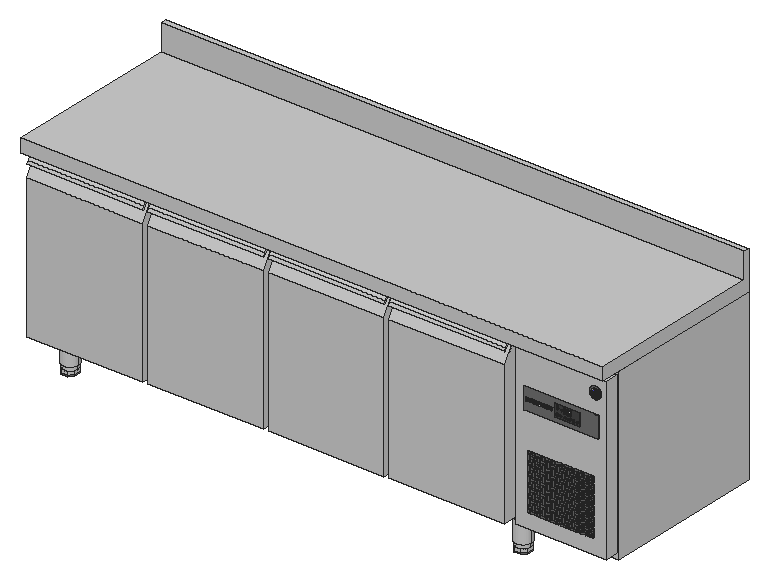
Revit family "QF_HOSHIZAKI_889040826", category Specialty Equipment, Revit 2016 (continued)
Definition of nested family "QF_HOSHIZAKI_889040826_230V_1Ph_50Hz"
  Definition of nested family "Control-panel"
    Forms (mm)
      Extrusion 1, solid
        sketch origin (-3653, 19.5, -135) x (-1, 0, 0) y (0, 0, 1)
          loop
            arc (-3840.5, 299.986) -> (-3837, 296.486) -> (-3833.5, 299.986) r 3.5
            line (-3833.5, 299.986) -> (-3833.5, 317.986)
          loop
            arc (-3871.5, 317.986) -> (-3875, 321.486) -> (-3878.5, 317.986) r 3.5
            line (-3878.5, 317.986) -> (-3878.5, 299.986)
            arc (-3878.5, 299.986) -> (-3875, 296.486) -> (-3871.5, 299.986) r 3.5
            line (-3871.5, 299.986) -> (-3871.5, 317.986)
          loop
            arc (-3909.5, 317.986) -> (-3913, 321.486) -> (-3916.5, 317.986) r 3.5
            line (-3916.5, 317.986) -> (-3916.5, 299.986)
            arc (-3916.5, 299.986) -> (-3913, 296.486) -> (-3909.5, 299.986) r 3.5
            line (-3909.5, 299.986) -> (-3909.5, 317.986)
          loop
            arc (-3951, 330.986) -> (-3954, 327.986) -> (-3951, 324.986) r 3
            line (-3951, 324.986) -> (-3942, 324.986)
            arc (-3942, 324.986) -> (-3939, 327.986) -> (-3942, 330.986) r 3
            line (-3942, 330.986) -> (-3951, 330.986)
          loop
            arc (-3947.5, 317.986) -> (-3951, 321.486) -> (-3954.5, 317.986) r 3.5
            line (-3954.5, 317.986) -> (-3954.5, 299.986)
            arc (-3954.5, 299.986) -> (-3951, 296.486) -> (-3947.5, 299.986) r 3.5
            line (-3947.5, 299.986) -> (-3947.5, 317.986)
          loop
            arc (-3941, 312.486) -> (-3944.5, 308.986) -> (-3941, 305.486) r 3.5
            line (-3941, 305.486) -> (-3923, 305.486)
            arc (-3923, 305.486) -> (-3919.5, 308.986) -> (-3923, 312.486) r 3.5
            line (-3923, 312.486) -> (-3941, 312.486)
          loop
            arc (-3903, 312.486) -> (-3906.5, 308.986) -> (-3903, 305.486) r 3.5
            line (-3903, 305.486) -> (-3885, 305.486)
            arc (-3885, 305.486) -> (-3881.5, 308.986) -> (-3885, 312.486) r 3.5
            line (-3885, 312.486) -> (-3903, 312.486)
          loop
            arc (-3865, 312.486) -> (-3868.5, 308.986) -> (-3865, 305.486) r 3.5
            line (-3865, 305.486) -> (-3847, 305.486)
            arc (-3847, 305.486) -> (-3843.5, 308.986) -> (-3847, 312.486) r 3.5
            line (-3847, 312.486) -> (-3865, 312.486)
          loop
            arc (-3827, 312.486) -> (-3830.5, 308.986) -> (-3827, 305.486) r 3.5
            line (-3827, 305.486) -> (-3809, 305.486)
            arc (-3809, 305.486) -> (-3805.5, 308.986) -> (-3809, 312.486) r 3.5
            line (-3809, 312.486) -> (-3827, 312.486)
          loop
            arc (-3789, 312.486) -> (-3792.5, 308.986) -> (-3789, 305.486) r 3.5
            line (-3789, 305.486) -> (-3771, 305.486)
            arc (-3771, 305.486) -> (-3767.5, 308.986) -> (-3771, 312.486) r 3.5
            line (-3771, 312.486) -> (-3789, 312.486)
          loop
            arc (-3751, 312.486) -> (-3754.5, 308.986) -> (-3751, 305.486) r 3.5
            line (-3751, 305.486) -> (-3733, 305.486)
            arc (-3733, 305.486) -> (-3729.5, 308.986) -> (-3733, 312.486) r 3.5
            line (-3733, 312.486) -> (-3751, 312.486)
          loop
            arc (-3713, 312.486) -> (-3716.5, 308.986) -> (-3713, 305.486) r 3.5
            line (-3713, 305.486) -> (-3704, 305.486)
            arc (-3704, 305.486) -> (-3700.5, 308.986) -> (-3704, 312.486) r 3.5
            line (-3704, 312.486) -> (-3713, 312.486)
          loop
            line (-3938.025, 302.996) -> (-3945.025, 302.996) -> (-3945.025, 295.996) -> (-3938.025, 295.996) -> (-3938.025, 302.996)
          loop
            line (-3919.025, 302.996) -> (-3926.025, 302.996) -> (-3926.025, 295.996) -> (-3919.025, 295.996) -> (-3919.025, 302.996)
          loop
            line (-3900.025, 302.996) -> (-3907.025, 302.996) -> (-3907.025, 295.996) -> (-3900.025, 295.996) -> (-3900.025, 302.996)
          loop
            line (-3881.025, 302.996) -> (-3888.025, 302.996) -> (-3888.025, 295.996) -> (-3881.025, 295.996) -> (-3881.025, 302.996)
          loop
            line (-3862.025, 302.996) -> (-3869.025, 302.996) -> (-3869.025, 295.996) -> (-3862.025, 295.996) -> (-3862.025, 302.996)
          loop
            line (-3843.025, 302.996) -> (-3850.025, 302.996) -> (-3850.025, 295.996) -> (-3843.025, 295.996) -> (-3843.025, 302.996)
          loop
            line (-3824.025, 302.996) -> (-3831.025, 302.996) -> (-3831.025, 295.996) -> (-3824.025, 295.996) -> (-3824.025, 302.996)
          loop
            line (-3805.025, 302.996) -> (-3812.025, 302.996) -> (-3812.025, 295.996) -> (-3805.025, 295.996) -> (-3805.025, 302.996)
          loop
            line (-3786.025, 302.996) -> (-3793.025, 302.996) -> (-3793.025, 295.996) -> (-3786.025, 295.996) -> (-3786.025, 302.996)
          loop
            line (-3767.025, 302.996) -> (-3774.025, 302.996) -> (-3774.025, 295.996) -> (-3767.025, 295.996) -> (-3767.025, 302.996)
          loop
            line (-3748.025, 302.996) -> (-3755.025, 302.996) -> (-3755.025, 295.996) -> (-3748.025, 295.996) -> (-3748.025, 302.996)
          loop
            line (-3729.025, 302.996) -> (-3736.025, 302.996) -> (-3736.025, 295.996) -> (-3729.025, 295.996) -> (-3729.025, 302.996)
          loop
            line (-3710.025, 302.996) -> (-3717.025, 302.996) -> (-3717.025, 295.996) -> (-3710.025, 295.996) -> (-3710.025, 302.996)
          loop
            line (-3935.5, 298.986) -> (-3935.5, 280.986)
            arc (-3935.5, 280.986) -> (-3932, 277.486) -> (-3928.5, 280.986) r 3.5
            line (-3928.5, 280.986) -> (-3928.5, 298.986)
            arc (-3928.5, 298.986) -> (-3932, 302.486) -> (-3935.5, 298.986) r 3.5
          loop
            line (-3897.5, 298.986) -> (-3897.5, 280.986)
            arc (-3897.5, 280.986) -> (-3894, 277.486) -> (-3890.5, 280.986) r 3.5
            line (-3890.5, 280.986) -> (-3890.5, 298.986)
            arc (-3890.5, 298.986) -> (-3894, 302.486) -> (-3897.5, 298.986) r 3.5
          loop
            line (-3859.5, 298.986) -> (-3859.5, 280.986)
            arc (-3859.5, 280.986) -> (-3856, 277.486) -> (-3852.5, 280.986) r 3.5
            line (-3852.5, 280.986) -> (-3852.5, 298.986)
            arc (-3852.5, 298.986) -> (-3856, 302.486) -> (-3859.5, 298.986) r 3.5
          loop
            line (-3821.5, 298.986) -> (-3821.5, 280.986)
            arc (-3821.5, 280.986) -> (-3818, 277.486) -> (-3814.5, 280.986) r 3.5
            line (-3814.5, 280.986) -> (-3814.5, 298.986)
            arc (-3814.5, 298.986) -> (-3818, 302.486) -> (-3821.5, 298.986) r 3.5
          loop
            line (-3783.5, 298.986) -> (-3783.5, 280.986)
            arc (-3783.5, 280.986) -> (-3780, 277.486) -> (-3776.5, 280.986) r 3.5
            line (-3776.5, 280.986) -> (-3776.5, 298.986)
            arc (-3776.5, 298.986) -> (-3780, 302.486) -> (-3783.5, 298.986) r 3.5
          loop
            line (-3745.5, 298.986) -> (-3745.5, 280.986)
            arc (-3745.5, 280.986) -> (-3742, 277.486) -> (-3738.5, 280.986) r 3.5
            line (-3738.5, 280.986) -> (-3738.5, 298.986)
            arc (-3738.5, 298.986) -> (-3742, 302.486) -> (-3745.5, 298.986) r 3.5
          loop
            line (-3707.5, 298.986) -> (-3707.5, 280.986)
            arc (-3707.5, 280.986) -> (-3704, 277.486) -> (-3700.5, 280.986) r 3.5
            line (-3700.5, 280.986) -> (-3700.5, 298.986)
            arc (-3700.5, 298.986) -> (-3704, 302.486) -> (-3707.5, 298.986) r 3.5
          loop
            arc (-3922, 293.486) -> (-3925.5, 289.986) -> (-3922, 286.486) r 3.5
            line (-3922, 286.486) -> (-3904, 286.486)
            arc (-3904, 286.486) -> (-3900.5, 289.986) -> (-3904, 293.486) r 3.5
            line (-3904, 293.486) -> (-3922, 293.486)
          loop
            arc (-3884, 293.486) -> (-3887.5, 289.986) -> (-3884, 286.486) r 3.5
            line (-3884, 286.486) -> (-3866, 286.486)
            arc (-3866, 286.486) -> (-3862.5, 289.986) -> (-3866, 293.486) r 3.5
            line (-3866, 293.486) -> (-3884, 293.486)
          loop
            arc (-3846, 293.486) -> (-3849.5, 289.986) -> (-3846, 286.486) r 3.5
            line (-3846, 286.486) -> (-3828, 286.486)
            arc (-3828, 286.486) -> (-3824.5, 289.986) -> (-3828, 293.486) r 3.5
            line (-3828, 293.486) -> (-3846, 293.486)
          loop
            arc (-3808, 293.486) -> (-3811.5, 289.986) -> (-3808, 286.486) r 3.5
            line (-3808, 286.486) -> (-3790, 286.486)
            arc (-3790, 286.486) -> (-3786.5, 289.986) -> (-3790, 293.486) r 3.5
            line (-3790, 293.486) -> (-3808, 293.486)
          loop
            arc (-3770, 293.486) -> (-3773.5, 289.986) -> (-3770, 286.486) r 3.5
            line (-3770, 286.486) -> (-3752, 286.486)
            arc (-3752, 286.486) -> (-3748.5, 289.986) -> (-3752, 293.486) r 3.5
            line (-3752, 293.486) -> (-3770, 293.486)
          loop
            arc (-3732, 293.486) -> (-3735.5, 289.986) -> (-3732, 286.486) r 3.5
            line (-3732, 286.486) -> (-3714, 286.486)
            arc (-3714, 286.486) -> (-3710.5, 289.986) -> (-3714, 293.486) r 3.5
            line (-3714, 293.486) -> (-3732, 293.486)
          loop
            line (-3938.025, 276.976) -> (-3938.025, 283.976) -> (-3945.025, 283.976) -> (-3945.025, 276.976) -> (-3938.025, 276.976)
          loop
            line (-3919.025, 276.976) -> (-3919.025, 283.976) -> (-3926.025, 283.976) -> (-3926.025, 276.976) -> (-3919.025, 276.976)
          loop
            line (-3900.025, 276.976) -> (-3900.025, 283.976) -> (-3907.025, 283.976) -> (-3907.025, 276.976) -> (-3900.025, 276.976)
          loop
            line (-3881.025, 276.976) -> (-3881.025, 283.976) -> (-3888.025, 283.976) -> (-3888.025, 276.976) -> (-3881.025, 276.976)
          loop
            line (-3862.025, 276.976) -> (-3862.025, 283.976) -> (-3869.025, 283.976) -> (-3869.025, 276.976) -> (-3862.025, 276.976)
          loop
            line (-3843.025, 276.976) -> (-3843.025, 283.976) -> (-3850.025, 283.976) -> (-3850.025, 276.976) -> (-3843.025, 276.976)
          loop
            line (-3824.025, 276.976) -> (-3824.025, 283.976) -> (-3831.025, 283.976) -> (-3831.025, 276.976) -> (-3824.025, 276.976)
          loop
            line (-3805.025, 276.976) -> (-3805.025, 283.976) -> (-3812.025, 283.976) -> (-3812.025, 276.976) -> (-3805.025, 276.976)
          loop
            line (-3786.025, 276.976) -> (-3786.025, 283.976) -> (-3793.025, 283.976) -> (-3793.025, 276.976) -> (-3786.025, 276.976)
          loop
            line (-3767.025, 276.976) -> (-3767.025, 283.976) -> (-3774.025, 283.976) -> (-3774.025, 276.976) -> (-3767.025, 276.976)
          loop
            line (-3748.025, 276.976) -> (-3748.025, 283.976) -> (-3755.025, 283.976) -> (-3755.025, 276.976) -> (-3748.025, 276.976)
          loop
            line (-3729.025, 276.976) -> (-3729.025, 283.976) -> (-3736.025, 283.976) -> (-3736.025, 276.976) -> (-3729.025, 276.976)
          loop
            line (-3710.025, 276.976) -> (-3710.025, 283.976) -> (-3717.025, 283.976) -> (-3717.025, 276.976) -> (-3710.025, 276.976)
          loop
            arc (-3719.5, 279.986) -> (-3723, 283.486) -> (-3726.5, 279.986) r 3.5
            line (-3726.5, 279.986) -> (-3726.5, 261.986)
            arc (-3726.5, 261.986) -> (-3723, 258.486) -> (-3719.5, 261.986) r 3.5
            line (-3719.5, 261.986) -> (-3719.5, 279.986)
          loop
            arc (-3757.5, 279.986) -> (-3761, 283.486) -> (-3764.5, 279.986) r 3.5
            line (-3764.5, 279.986) -> (-3764.5, 261.986)
            arc (-3764.5, 261.986) -> (-3761, 258.486) -> (-3757.5, 261.986) r 3.5
            line (-3757.5, 261.986) -> (-3757.5, 279.986)
          loop
            arc (-3795.5, 279.986) -> (-3799, 283.486) -> (-3802.5, 279.986) r 3.5
            line (-3802.5, 279.986) -> (-3802.5, 261.986)
            arc (-3802.5, 261.986) -> (-3799, 258.486) -> (-3795.5, 261.986) r 3.5
            line (-3795.5, 261.986) -> (-3795.5, 279.986)
          loop
            arc (-3833.5, 279.986) -> (-3837, 283.486) -> (-3840.5, 279.986) r 3.5
            line (-3840.5, 279.986) -> (-3840.5, 261.986)
            arc (-3840.5, 261.986) -> (-3837, 258.486) -> (-3833.5, 261.986) r 3.5
            line (-3833.5, 261.986) -> (-3833.5, 279.986)
          loop
            arc (-3871.5, 279.986) -> (-3875, 283.486) -> (-3878.5, 279.986) r 3.5
            line (-3878.5, 279.986) -> (-3878.5, 261.986)
            arc (-3878.5, 261.986) -> (-3875, 258.486) -> (-3871.5, 261.986) r 3.5
            line (-3871.5, 261.986) -> (-3871.5, 279.986)
          loop
            arc (-3909.5, 279.986) -> (-3913, 283.486) -> (-3916.5, 279.986) r 3.5
            line (-3916.5, 279.986) -> (-3916.5, 261.986)
            arc (-3916.5, 261.986) -> (-3913, 258.486) -> (-3909.5, 261.986) r 3.5
            line (-3909.5, 261.986) -> (-3909.5, 279.986)
          loop
            arc (-3951, 292.986) -> (-3954, 289.986) -> (-3951, 286.986) r 3
            line (-3951, 286.986) -> (-3942, 286.986)
            arc (-3942, 286.986) -> (-3939, 289.986) -> (-3942, 292.986) r 3
            line (-3942, 292.986) -> (-3951, 292.986)
          loop
            arc (-3947.5, 279.986) -> (-3951, 283.486) -> (-3954.5, 279.986) r 3.5
            line (-3954.5, 279.986) -> (-3954.5, 261.986)
            arc (-3954.5, 261.986) -> (-3951, 258.486) -> (-3947.5, 261.986) r 3.5
            line (-3947.5, 261.986) -> (-3947.5, 279.986)
          loop
            arc (-3941, 274.486) -> (-3944.5, 270.986) -> (-3941, 267.486) r 3.5
            line (-3941, 267.486) -> (-3923, 267.486)
            arc (-3923, 267.486) -> (-3919.5, 270.986) -> (-3923, 274.486) r 3.5
            line (-3923, 274.486) -> (-3941, 274.486)
          loop
            arc (-3903, 274.486) -> (-3906.5, 270.986) -> (-3903, 267.486) r 3.5
            line (-3903, 267.486) -> (-3885, 267.486)
            arc (-3885, 267.486) -> (-3881.5, 270.986) -> (-3885, 274.486) r 3.5
            line (-3885, 274.486) -> (-3903, 274.486)
          loop
            arc (-3865, 274.486) -> (-3868.5, 270.986) -> (-3865, 267.486) r 3.5
            line (-3865, 267.486) -> (-3847, 267.486)
            arc (-3847, 267.486) -> (-3843.5, 270.986) -> (-3847, 274.486) r 3.5
            line (-3847, 274.486) -> (-3865, 274.486)
          loop
            arc (-3827, 274.486) -> (-3830.5, 270.986) -> (-3827, 267.486) r 3.5
            line (-3827, 267.486) -> (-3809, 267.486)
            arc (-3809, 267.486) -> (-3805.5, 270.986) -> (-3809, 274.486) r 3.5
            line (-3809, 274.486) -> (-3827, 274.486)
          loop
            arc (-3789, 274.486) -> (-3792.5, 270.986) -> (-3789, 267.486) r 3.5
            line (-3789, 267.486) -> (-3771, 267.486)
            arc (-3771, 267.486) -> (-3767.5, 270.986) -> (-3771, 274.486) r 3.5
            line (-3771, 274.486) -> (-3789, 274.486)
          loop
            arc (-3751, 274.486) -> (-3754.5, 270.986) -> (-3751, 267.486) r 3.5
            line (-3751, 267.486) -> (-3733, 267.486)
            arc (-3733, 267.486) -> (-3729.5, 270.986) -> (-3733, 274.486) r 3.5
            line (-3733, 274.486) -> (-3751, 274.486)
          loop
            arc (-3713, 274.486) -> (-3716.5, 270.986) -> (-3713, 267.486) r 3.5
            line (-3713, 267.486) -> (-3704, 267.486)
            arc (-3704, 267.486) -> (-3700.5, 270.986) -> (-3704, 274.486) r 3.5
            line (-3704, 274.486) -> (-3713, 274.486)
          loop
            line (-3938.025, 264.996) -> (-3945.025, 264.996) -> (-3945.025, 257.996) -> (-3938.025, 257.996) -> (-3938.025, 264.996)
          loop
            line (-3919.025, 264.996) -> (-3926.025, 264.996) -> (-3926.025, 257.996) -> (-3919.025, 257.996) -> (-3919.025, 264.996)
          loop
            line (-3900.025, 264.996) -> (-3907.025, 264.996) -> (-3907.025, 257.996) -> (-3900.025, 257.996) -> (-3900.025, 264.996)
          loop
            line (-3881.025, 264.996) -> (-3888.025, 264.996) -> (-3888.025, 257.996) -> (-3881.025, 257.996) -> (-3881.025, 264.996)
          loop
            line (-3862.025, 264.996) -> (-3869.025, 264.996) -> (-3869.025, 257.996) -> (-3862.025, 257.996) -> (-3862.025, 264.996)
          loop
            line (-3843.025, 264.996) -> (-3850.025, 264.996) -> (-3850.025, 257.996) -> (-3843.025, 257.996) -> (-3843.025, 264.996)
          loop
            line (-3824.025, 264.996) -> (-3831.025, 264.996) -> (-3831.025, 257.996) -> (-3824.025, 257.996) -> (-3824.025, 264.996)
          loop
            line (-3805.025, 264.996) -> (-3812.025, 264.996) -> (-3812.025, 257.996) -> (-3805.025, 257.996) -> (-3805.025, 264.996)
          loop
            line (-3786.025, 264.996) -> (-3793.025, 264.996) -> (-3793.025, 257.996) -> (-3786.025, 257.996) -> (-3786.025, 264.996)
          loop
            line (-3767.025, 264.996) -> (-3774.025, 264.996) -> (-3774.025, 257.996) -> (-3767.025, 257.996) -> (-3767.025, 264.996)
          loop
            line (-3748.025, 264.996) -> (-3755.025, 264.996) -> (-3755.025, 257.996) -> (-3748.025, 257.996) -> (-3748.025, 264.996)
          loop
            line (-3729.025, 264.996) -> (-3736.025, 264.996) -> (-3736.025, 257.996) -> (-3729.025, 257.996) -> (-3729.025, 264.996)
          loop
            line (-3710.025, 264.996) -> (-3717.025, 264.996) -> (-3717.025, 257.996) -> (-3710.025, 257.996) -> (-3710.025, 264.996)
          loop
            line (-3935.5, 260.986) -> (-3935.5, 242.986)
            arc (-3935.5, 242.986) -> (-3932, 239.486) -> (-3928.5, 242.986) r 3.5
            line (-3928.5, 242.986) -> (-3928.5, 260.986)
            arc (-3928.5, 260.986) -> (-3932, 264.486) -> (-3935.5, 260.986) r 3.5
          loop
            line (-3897.5, 260.986) -> (-3897.5, 242.986)
            arc (-3897.5, 242.986) -> (-3894, 239.486) -> (-3890.5, 242.986) r 3.5
            line (-3890.5, 242.986) -> (-3890.5, 260.986)
            arc (-3890.5, 260.986) -> (-3894, 264.486) -> (-3897.5, 260.986) r 3.5
          loop
            line (-3859.5, 260.986) -> (-3859.5, 242.986)
            arc (-3859.5, 242.986) -> (-3856, 239.486) -> (-3852.5, 242.986) r 3.5
            line (-3852.5, 242.986) -> (-3852.5, 260.986)
            arc (-3852.5, 260.986) -> (-3856, 264.486) -> (-3859.5, 260.986) r 3.5
          loop
            line (-3821.5, 260.986) -> (-3821.5, 242.986)
            arc (-3821.5, 242.986) -> (-3818, 239.486) -> (-3814.5, 242.986) r 3.5
            line (-3814.5, 242.986) -> (-3814.5, 260.986)
            arc (-3814.5, 260.986) -> (-3818, 264.486) -> (-3821.5, 260.986) r 3.5
          loop
            line (-3783.5, 260.986) -> (-3783.5, 242.986)
            arc (-3783.5, 242.986) -> (-3780, 239.486) -> (-3776.5, 242.986) r 3.5
            line (-3776.5, 242.986) -> (-3776.5, 260.986)
            arc (-3776.5, 260.986) -> (-3780, 264.486) -> (-3783.5, 260.986) r 3.5
          loop
            line (-3745.5, 260.986) -> (-3745.5, 242.986)
            arc (-3745.5, 242.986) -> (-3742, 239.486) -> (-3738.5, 242.986) r 3.5
            line (-3738.5, 242.986) -> (-3738.5, 260.986)
            arc (-3738.5, 260.986) -> (-3742, 264.486) -> (-3745.5, 260.986) r 3.5
          loop
            line (-3707.5, 260.986) -> (-3707.5, 242.986)
            arc (-3707.5, 242.986) -> (-3704, 239.486) -> (-3700.5, 242.986) r 3.5
            line (-3700.5, 242.986) -> (-3700.5, 260.986)
            arc (-3700.5, 260.986) -> (-3704, 264.486) -> (-3707.5, 260.986) r 3.5
          loop
            arc (-3922, 255.486) -> (-3925.5, 251.986) -> (-3922, 248.486) r 3.5
            line (-3922, 248.486) -> (-3904, 248.486)
            arc (-3904, 248.486) -> (-3900.5, 251.986) -> (-3904, 255.486) r 3.5
            line (-3904, 255.486) -> (-3922, 255.486)
          loop
            arc (-3884, 255.486) -> (-3887.5, 251.986) -> (-3884, 248.486) r 3.5
            line (-3884, 248.486) -> (-3866, 248.486)
            arc (-3866, 248.486) -> (-3862.5, 251.986) -> (-3866, 255.486) r 3.5
            line (-3866, 255.486) -> (-3884, 255.486)
          loop
            arc (-3846, 255.486) -> (-3849.5, 251.986) -> (-3846, 248.486) r 3.5
            line (-3846, 248.486) -> (-3828, 248.486)
            arc (-3828, 248.486) -> (-3824.5, 251.986) -> (-3828, 255.486) r 3.5
            line (-3828, 255.486) -> (-3846, 255.486)
          loop
            arc (-3808, 255.486) -> (-3811.5, 251.986) -> (-3808, 248.486) r 3.5
            line (-3808, 248.486) -> (-3790, 248.486)
            arc (-3790, 248.486) -> (-3786.5, 251.986) -> (-3790, 255.486) r 3.5
            line (-3790, 255.486) -> (-3808, 255.486)
          loop
            arc (-3770, 255.486) -> (-3773.5, 251.986) -> (-3770, 248.486) r 3.5
            line (-3770, 248.486) -> (-3752, 248.486)
            arc (-3752, 248.486) -> (-3748.5, 251.986) -> (-3752, 255.486) r 3.5
            line (-3752, 255.486) -> (-3770, 255.486)
          loop
            arc (-3732, 255.486) -> (-3735.5, 251.986) -> (-3732, 248.486) r 3.5
            line (-3732, 248.486) -> (-3714, 248.486)
            arc (-3714, 248.486) -> (-3710.5, 251.986) -> (-3714, 255.486) r 3.5
            line (-3714, 255.486) -> (-3732, 255.486)
          loop
            line (-3938.025, 238.976) -> (-3938.025, 245.976) -> (-3945.025, 245.976) -> (-3945.025, 238.976) -> (-3938.025, 238.976)
          loop
            line (-3919.025, 238.976) -> (-3919.025, 245.976) -> (-3926.025, 245.976) -> (-3926.025, 238.976) -> (-3919.025, 238.976)
          loop
            line (-3900.025, 238.976) -> (-3900.025, 245.976) -> (-3907.025, 245.976) -> (-3907.025, 238.976) -> (-3900.025, 238.976)
          loop
            line (-3881.025, 238.976) -> (-3881.025, 245.976) -> (-3888.025, 245.976) -> (-3888.025, 238.976) -> (-3881.025, 238.976)
          loop
            line (-3862.025, 238.976) -> (-3862.025, 245.976) -> (-3869.025, 245.976) -> (-3869.025, 238.976) -> (-3862.025, 238.976)
          loop
            line (-3843.025, 238.976) -> (-3843.025, 245.976) -> (-3850.025, 245.976) -> (-3850.025, 238.976) -> (-3843.025, 238.976)
          loop
            line (-3824.025, 238.976) -> (-3824.025, 245.976) -> (-3831.025, 245.976) -> (-3831.025, 238.976) -> (-3824.025, 238.976)
          loop
            line (-3805.025, 238.976) -> (-3805.025, 245.976) -> (-3812.025, 245.976) -> (-3812.025, 238.976) -> (-3805.025, 238.976)
          loop
            line (-3786.025, 238.976) -> (-3786.025, 245.976) -> (-3793.025, 245.976) -> (-3793.025, 238.976) -> (-3786.025, 238.976)
          loop
            line (-3767.025, 238.976) -> (-3767.025, 245.976) -> (-3774.025, 245.976) -> (-3774.025, 238.976) -> (-3767.025, 238.976)
          loop
            line (-3748.025, 238.976) -> (-3748.025, 245.976) -> (-3755.025, 245.976) -> (-3755.025, 238.976) -> (-3748.025, 238.976)
          loop
            line (-3729.025, 238.976) -> (-3729.025, 245.976) -> (-3736.025, 245.976) -> (-3736.025, 238.976) -> (-3729.025, 238.976)
          loop
            line (-3710.025, 238.976) -> (-3710.025, 245.976) -> (-3717.025, 245.976) -> (-3717.025, 238.976) -> (-3710.025, 238.976)
          loop
            arc (-3719.5, 241.986) -> (-3723, 245.486) -> (-3726.5, 241.986) r 3.5
            line (-3726.5, 241.986) -> (-3726.5, 223.986)
            arc (-3726.5, 223.986) -> (-3723, 220.486) -> (-3719.5, 223.986) r 3.5
            line (-3719.5, 223.986) -> (-3719.5, 241.986)
          loop
            arc (-3757.5, 241.986) -> (-3761, 245.486) -> (-3764.5, 241.986) r 3.5
            line (-3764.5, 241.986) -> (-3764.5, 223.986)
            arc (-3764.5, 223.986) -> (-3761, 220.486) -> (-3757.5, 223.986) r 3.5
            line (-3757.5, 223.986) -> (-3757.5, 241.986)
          loop
            arc (-3795.5, 241.986) -> (-3799, 245.486) -> (-3802.5, 241.986) r 3.5
            line (-3802.5, 241.986) -> (-3802.5, 223.986)
            arc (-3802.5, 223.986) -> (-3799, 220.486) -> (-3795.5, 223.986) r 3.5
            line (-3795.5, 223.986) -> (-3795.5, 241.986)
          loop
            arc (-3833.5, 241.986) -> (-3837, 245.486) -> (-3840.5, 241.986) r 3.5
            line (-3840.5, 241.986) -> (-3840.5, 223.986)
            arc (-3840.5, 223.986) -> (-3837, 220.486) -> (-3833.5, 223.986) r 3.5
            line (-3833.5, 223.986) -> (-3833.5, 241.986)
          loop
            arc (-3871.5, 241.986) -> (-3875, 245.486) -> (-3878.5, 241.986) r 3.5
            line (-3878.5, 241.986) -> (-3878.5, 223.986)
            arc (-3878.5, 223.986) -> (-3875, 220.486) -> (-3871.5, 223.986) r 3.5
            line (-3871.5, 223.986) -> (-3871.5, 241.986)
          loop
            arc (-3909.5, 241.986) -> (-3913, 245.486) -> (-3916.5, 241.986) r 3.5
            line (-3916.5, 241.986) -> (-3916.5, 223.986)
            arc (-3916.5, 223.986) -> (-3913, 220.486) -> (-3909.5, 223.986) r 3.5
            line (-3909.5, 223.986) -> (-3909.5, 241.986)
          loop
            arc (-3951, 254.986) -> (-3954, 251.986) -> (-3951, 248.986) r 3
            line (-3951, 248.986) -> (-3942, 248.986)
            arc (-3942, 248.986) -> (-3939, 251.986) -> (-3942, 254.986) r 3
            line (-3942, 254.986) -> (-3951, 254.986)
          loop
            arc (-3947.5, 241.986) -> (-3951, 245.486) -> (-3954.5, 241.986) r 3.5
            line (-3954.5, 241.986) -> (-3954.5, 223.986)
            arc (-3954.5, 223.986) -> (-3951, 220.486) -> (-3947.5, 223.986) r 3.5
            line (-3947.5, 223.986) -> (-3947.5, 241.986)
          loop
            arc (-3941, 236.486) -> (-3944.5, 232.986) -> (-3941, 229.486) r 3.5
            line (-3941, 229.486) -> (-3923, 229.486)
            arc (-3923, 229.486) -> (-3919.5, 232.986) -> (-3923, 236.486) r 3.5
            line (-3923, 236.486) -> (-3941, 236.486)
          loop
            arc (-3903, 236.486) -> (-3906.5, 232.986) -> (-3903, 229.486) r 3.5
            line (-3903, 229.486) -> (-3885, 229.486)
            arc (-3885, 229.486) -> (-3881.5, 232.986) -> (-3885, 236.486) r 3.5
            line (-3885, 236.486) -> (-3903, 236.486)
          loop
            arc (-3865, 236.486) -> (-3868.5, 232.986) -> (-3865, 229.486) r 3.5
            line (-3865, 229.486) -> (-3847, 229.486)
            arc (-3847, 229.486) -> (-3843.5, 232.986) -> (-3847, 236.486) r 3.5
            line (-3847, 236.486) -> (-3865, 236.486)
          loop
            arc (-3827, 236.486) -> (-3830.5, 232.986) -> (-3827, 229.486) r 3.5
            line (-3827, 229.486) -> (-3809, 229.486)
            arc (-3809, 229.486) -> (-3805.5, 232.986) -> (-3809, 236.486) r 3.5
            line (-3809, 236.486) -> (-3827, 236.486)
          loop
            arc (-3789, 236.486) -> (-3792.5, 232.986) -> (-3789, 229.486) r 3.5
            line (-3789, 229.486) -> (-3771, 229.486)
            arc (-3771, 229.486) -> (-3767.5, 232.986) -> (-3771, 236.486) r 3.5
            line (-3771, 236.486) -> (-3789, 236.486)
          loop
            arc (-3751, 236.486) -> (-3754.5, 232.986) -> (-3751, 229.486) r 3.5
            line (-3751, 229.486) -> (-3733, 229.486)
            arc (-3733, 229.486) -> (-3729.5, 232.986) -> (-3733, 236.486) r 3.5
            line (-3733, 236.486) -> (-3751, 236.486)
          loop
            arc (-3713, 236.486) -> (-3716.5, 232.986) -> (-3713, 229.486) r 3.5
            line (-3713, 229.486) -> (-3704, 229.486)
            arc (-3704, 229.486) -> (-3700.5, 232.986) -> (-3704, 236.486) r 3.5
            line (-3704, 236.486) -> (-3713, 236.486)
          loop
            line (-3938.025, 226.996) -> (-3945.025, 226.996) -> (-3945.025, 219.996) -> (-3938.025, 219.996) -> (-3938.025, 226.996)
          loop
            line (-3919.025, 226.996) -> (-3926.025, 226.996) -> (-3926.025, 219.996) -> (-3919.025, 219.996) -> (-3919.025, 226.996)
          loop
            line (-3900.025, 226.996) -> (-3907.025, 226.996) -> (-3907.025, 219.996) -> (-3900.025, 219.996) -> (-3900.025, 226.996)
          loop
            line (-3881.025, 226.996) -> (-3888.025, 226.996) -> (-3888.025, 219.996) -> (-3881.025, 219.996) -> (-3881.025, 226.996)
          loop
            line (-3862.025, 226.996) -> (-3869.025, 226.996) -> (-3869.025, 219.996) -> (-3862.025, 219.996) -> (-3862.025, 226.996)
          loop
            line (-3843.025, 226.996) -> (-3850.025, 226.996) -> (-3850.025, 219.996) -> (-3843.025, 219.996) -> (-3843.025, 226.996)
          loop
            line (-3824.025, 226.996) -> (-3831.025, 226.996) -> (-3831.025, 219.996) -> (-3824.025, 219.996) -> (-3824.025, 226.996)
          loop
            line (-3805.025, 226.996) -> (-3812.025, 226.996) -> (-3812.025, 219.996) -> (-3805.025, 219.996) -> (-3805.025, 226.996)
          loop
            line (-3786.025, 226.996) -> (-3793.025, 226.996) -> (-3793.025, 219.996) -> (-3786.025, 219.996) -> (-3786.025, 226.996)
          loop
            line (-3767.025, 226.996) -> (-3774.025, 226.996) -> (-3774.025, 219.996) -> (-3767.025, 219.996) -> (-3767.025, 226.996)
          loop
            line (-3748.025, 226.996) -> (-3755.025, 226.996) -> (-3755.025, 219.996) -> (-3748.025, 219.996) -> (-3748.025, 226.996)
          loop
            line (-3729.025, 226.996) -> (-3736.025, 226.996) -> (-3736.025, 219.996) -> (-3729.025, 219.996) -> (-3729.025, 226.996)
          loop
            line (-3710.025, 226.996) -> (-3717.025, 226.996) -> (-3717.025, 219.996) -> (-3710.025, 219.996) -> (-3710.025, 226.996)
          loop
            arc (-3922, 217.486) -> (-3925.5, 213.986) -> (-3922, 210.486) r 3.5
            line (-3922, 210.486) -> (-3904, 210.486)
            arc (-3904, 210.486) -> (-3900.5, 213.986) -> (-3904, 217.486) r 3.5
            line (-3904, 217.486) -> (-3922, 217.486)
          loop
            arc (-3884, 217.486) -> (-3887.5, 213.986) -> (-3884, 210.486) r 3.5
            line (-3884, 210.486) -> (-3866, 210.486)
            arc (-3866, 210.486) -> (-3862.5, 213.986) -> (-3866, 217.486) r 3.5
            line (-3866, 217.486) -> (-3884, 217.486)
          loop
            arc (-3846, 217.486) -> (-3849.5, 213.986) -> (-3846, 210.486) r 3.5
            line (-3846, 210.486) -> (-3828, 210.486)
            arc (-3828, 210.486) -> (-3824.5, 213.986) -> (-3828, 217.486) r 3.5
            line (-3828, 217.486) -> (-3846, 217.486)
          loop
            arc (-3808, 217.486) -> (-3811.5, 213.986) -> (-3808, 210.486) r 3.5
            line (-3808, 210.486) -> (-3790, 210.486)
            arc (-3790, 210.486) -> (-3786.5, 213.986) -> (-3790, 217.486) r 3.5
            line (-3790, 217.486) -> (-3808, 217.486)
          loop
            arc (-3770, 217.486) -> (-3773.5, 213.986) -> (-3770, 210.486) r 3.5
            line (-3770, 210.486) -> (-3752, 210.486)
            arc (-3752, 210.486) -> (-3748.5, 213.986) -> (-3752, 217.486) r 3.5
            line (-3752, 217.486) -> (-3770, 217.486)
          loop
            arc (-3732, 217.486) -> (-3735.5, 213.986) -> (-3732, 210.486) r 3.5
            line (-3732, 210.486) -> (-3714, 210.486)
            arc (-3714, 210.486) -> (-3710.5, 213.986) -> (-3714, 217.486) r 3.5
            line (-3714, 217.486) -> (-3732, 217.486)
          loop
            arc (-3951, 216.986) -> (-3954, 213.986) -> (-3951, 210.986) r 3
            line (-3951, 210.986) -> (-3942, 210.986)
            arc (-3942, 210.986) -> (-3939, 213.986) -> (-3942, 216.986) r 3
            line (-3942, 216.986) -> (-3951, 216.986)
          loop
            arc (-3701, 223.486) -> (-3704, 226.486) -> (-3707, 223.486) r 3
            line (-3707, 223.486) -> (-3707, 214.486)
            arc (-3707, 214.486) -> (-3704, 211.486) -> (-3701, 214.486) r 3
            line (-3701, 214.486) -> (-3701, 223.486)
          loop
            arc (-3739, 223.486) -> (-3742, 226.486) -> (-3745, 223.486) r 3
            line (-3745, 223.486) -> (-3745, 214.486)
            arc (-3745, 214.486) -> (-3742, 211.486) -> (-3739, 214.486) r 3
            line (-3739, 214.486) -> (-3739, 223.486)
          loop
            arc (-3777, 223.486) -> (-3780, 226.486) -> (-3783, 223.486) r 3
            line (-3783, 223.486) -> (-3783, 214.486)
            arc (-3783, 214.486) -> (-3780, 211.486) -> (-3777, 214.486) r 3
            line (-3777, 214.486) -> (-3777, 223.486)
          loop
            arc (-3815, 223.486) -> (-3818, 226.486) -> (-3821, 223.486) r 3
            line (-3821, 223.486) -> (-3821, 214.486)
            arc (-3821, 214.486) -> (-3818, 211.486) -> (-3815, 214.486) r 3
            line (-3815, 214.486) -> (-3815, 223.486)
          loop
            arc (-3853, 223.486) -> (-3856, 226.486) -> (-3859, 223.486) r 3
            line (-3859, 223.486) -> (-3859, 214.486)
            arc (-3859, 214.486) -> (-3856, 211.486) -> (-3853, 214.486) r 3
            line (-3853, 214.486) -> (-3853, 223.486)
          loop
            arc (-3891, 223.486) -> (-3894, 226.486) -> (-3897, 223.486) r 3
            line (-3897, 223.486) -> (-3897, 214.486)
            arc (-3897, 214.486) -> (-3894, 211.486) -> (-3891, 214.486) r 3
            line (-3891, 214.486) -> (-3891, 223.486)
          loop
            arc (-3929, 223.486) -> (-3932, 226.486) -> (-3935, 223.486) r 3
            line (-3935, 223.486) -> (-3935, 214.486)
            arc (-3935, 214.486) -> (-3932, 211.486) -> (-3929, 214.486) r 3
            line (-3929, 214.486) -> (-3929, 223.486)
        from 5.5 to 7.5
      Extrusion 2, solid
        sketch origin (-1812, 19.5, -302.5) x (-1, 0, 0) y (0, 0, 1)
          loop
            line (-2131, 808) -> (-2131, 731)
            arc (-2131, 731) -> (-2130.121, 728.879) -> (-2128, 728) r 3
            line (-2128, 728) -> (-1845, 728)
            arc (-1845, 728) -> (-1842.879, 728.879) -> (-1842, 731) r 3
            line (-1842, 731) -> (-1842, 808)
            arc (-1842, 808) -> (-1842.879, 810.121) -> (-1845, 811) r 3
            line (-1845, 811) -> (-2128, 811)
            arc (-2128, 811) -> (-2130.121, 810.121) -> (-2131, 808) r 3
        from 5.5 to 7.5
      Extrusion 3, solid
        sketch origin (-1721.829, 19.5, -302.5) x (-1, 0, 0) y (0, 0, 1)
          loop
            line (-1873, 793) -> (-1968.159, 793) -> (-1968.159, 746) -> (-1873, 746) -> (-1873, 793)
        from 5 to 7.5
      Extrusion 4, solid, visible <- "Show Logo"
        sketch origin (-1807, 19.5, -188.5) x (-1, 0, 0) y (0, 0, 1)
          loop
            circle (-2113.5, 769.5) r 13.99
        from 4.5 to 6
      Extrusion 5, solid, visible <- "Show Logo"
        sketch origin (-1807, 19.5, -188.5) x (-1, 0, 0) y (0, 0, 1)
          loop
            circle (-2113.5, 769.5) r 15
          loop
            line (-2126.5, 769.5) -> (-2120.846, 773.459) -> (-2118.907, 773.459) -> (-2118.036, 763.497) -> (-2119.632, 763.497) -> (-2117.808, 760.891) -> (-2122.091, 759.743)
            arc (-2122.091, 759.743) -> (-2112.99, 756.51) -> (-2104.171, 760.446) r 13
            line (-2104.171, 760.446) -> (-2111.913, 760.446) -> (-2113.024, 758.523) -> (-2117.6, 758.523) -> (-2113.951, 764.843) -> (-2112.168, 762.297) -> (-2110.969, 763.497) -> (-2112.161, 767.945) -> (-2112.983, 771.014) -> (-2114.045, 774.979) -> (-2115.629, 777.241) -> (-2111.344, 777.241) -> (-2110.01, 772.26) -> (-2108.361, 772.26) -> (-2107.029, 770.928) -> (-2104.038, 769.201) -> (-2103.03, 765.437) -> (-2100.604, 767.863)
            arc (-2100.604, 767.863) -> (-2112.68, 782.474) -> (-2126.5, 769.5) r 13
          loop
            arc (-2125.531, 764.467) -> (-2124.506, 762.602) -> (-2123.241, 760.891) r 15.828
            line (-2123.241, 760.891) -> (-2121.071, 768.926) -> (-2125.531, 764.467)
          loop
            line (-2109.801, 769.877) -> (-2109.801, 764.664) -> (-2108.483, 768.285) -> (-2106.744, 769.399) -> (-2109.801, 769.877)
          loop
            line (-2108.558, 762.979) -> (-2105.47, 762.035) -> (-2104.504, 761.224) -> (-2103.812, 761.916) -> (-2105.089, 763.908) -> (-2108.558, 762.979)
          loop
            line (-2110.775, 779.307) -> (-2108.457, 780.388) -> (-2110.775, 781.009) -> (-2110.775, 779.307)
          loop
            line (-2113.024, 781.662) -> (-2115.087, 781.11) -> (-2114.199, 779.205) -> (-2112.584, 779.638) -> (-2113.79, 780.335) -> (-2113.024, 781.662)
          loop
            line (-2113.762, 753.783) -> (-2114.844, 752.701) -> (-2116.385, 752.701) -> (-2115.329, 751.645) -> (-2115.642, 749.874) -> (-2113.762, 750.959) -> (-2111.881, 749.874) -> (-2112.194, 751.645) -> (-2111.138, 752.701) -> (-2112.679, 752.701) -> (-2113.762, 753.783)
          loop
            line (-2126.524, 760.7) -> (-2128.032, 760.965) -> (-2128.916, 762.228) -> (-2129.176, 760.757) -> (-2130.805, 759.997) -> (-2128.838, 759.08) -> (-2128.648, 756.917) -> (-2127.377, 758.188) -> (-2125.906, 757.929) -> (-2126.79, 759.191) -> (-2126.524, 760.7)
          loop
            line (-2120.989, 755.68) -> (-2122.45, 755.219) -> (-2123.816, 755.931) -> (-2123.367, 754.507) -> (-2124.462, 753.08) -> (-2122.293, 753.175) -> (-2121.127, 751.344) -> (-2120.586, 753.059) -> (-2119.162, 753.508) -> (-2120.529, 754.219) -> (-2120.989, 755.68)
          loop
            line (-2100.476, 760.7) -> (-2100.21, 759.191) -> (-2101.094, 757.929) -> (-2099.623, 758.188) -> (-2098.352, 756.917) -> (-2098.162, 759.08) -> (-2096.195, 759.997) -> (-2097.824, 760.757) -> (-2098.084, 762.228) -> (-2098.968, 760.965) -> (-2100.476, 760.7)
          loop
            line (-2106.011, 755.68) -> (-2106.471, 754.219) -> (-2107.838, 753.508) -> (-2106.414, 753.059) -> (-2105.873, 751.344) -> (-2104.707, 753.175) -> (-2102.538, 753.08) -> (-2103.633, 754.507) -> (-2103.184, 755.931) -> (-2104.55, 755.219) -> (-2106.011, 755.68)
        from 4 to 6
      Extrusion 6, solid, visible <- "Show Logo"
        sketch origin (-1807, 19.5, -188.5) x (-1, 0, 0) y (0, 0, 1)
          loop
            line (-2110.775, 781.009) -> (-2112.201, 782.435)
            arc (-2112.201, 782.435) -> (-2113.187, 782.496) -> (-2114.172, 782.435) r 8.046
            arc (-2114.172, 782.435) -> (-2116.517, 781.025) -> (-2117.04, 778.339) r 3.366
            line (-2117.04, 778.339) -> (-2118.907, 773.459) -> (-2117.808, 760.891) -> (-2119.436, 758.565) -> (-2117.576, 758.565) -> (-2113.951, 764.843) -> (-2112.168, 762.297) -> (-2110.969, 763.497) -> (-2114.045, 774.979) -> (-2115.629, 777.241) -> (-2111.299, 777.241) -> (-2110.775, 779.307) -> (-2110.775, 781.009)
          loop
            line (-2116.531, 758.523) -> (-2117.14, 757.468) -> (-2111.822, 757.468) -> (-2112.761, 758.407) -> (-2109.605, 758.407) -> (-2110.682, 759.485) -> (-2112.469, 759.485) -> (-2113.024, 758.523) -> (-2116.531, 758.523)
          loop
            line (-2113.024, 781.662) -> (-2115.087, 781.11) -> (-2114.199, 779.205) -> (-2112.584, 779.638) -> (-2113.79, 780.335) -> (-2113.024, 781.662)
        from 4 to 6
      Extrusion 7, solid, visible <- "Show Logo"
        sketch origin (-1807, 19.5, -188.5) x (-1, 0, 0) y (0, 0, 1)
          loop
            circle (-2113.5, 769.5) r 22.5
        from 5 to 7.5
      Extrusion 8, solid
        sketch origin (-1721.829, 19.5, -302.5) x (-1, 0, 0) y (0, 0, 1)
          loop
            line (-1897.356, 754.233) -> (-1901.676, 760.18) -> (-1902.485, 759.592) -> (-1897.356, 752.532) -> (-1892.226, 759.592) -> (-1893.035, 760.18) -> (-1897.356, 754.233)
          loop
            line (-1895.298, 779.667) -> (-1903.298, 779.667) -> (-1899.298, 774.161) -> (-1895.298, 779.667)
          loop
            arc (-1884, 780.828) -> (-1883, 775) -> (-1882, 780.828) r 3
            line (-1882, 780.828) -> (-1882, 789)
            arc (-1882, 789) -> (-1883, 790) -> (-1884, 789) r 1
            line (-1884, 789) -> (-1884, 780.828)
          loop
            line (-1936.977, 758.753) -> (-1936.977, 757.753) -> (-1935.558, 757.753) -> (-1935.558, 753.753) -> (-1934.558, 753.753) -> (-1934.558, 757.753) -> (-1933.139, 757.753) -> (-1933.139, 758.753) -> (-1936.977, 758.753)
          loop
            line (-1932.115, 758.753) -> (-1932.115, 757.753) -> (-1929.56, 757.753) -> (-1929.56, 756.753) -> (-1932.115, 756.753) -> (-1932.115, 755.753) -> (-1929.56, 755.753) -> (-1929.56, 754.846) -> (-1932.115, 754.846) -> (-1932.115, 753.959) -> (-1928.597, 753.959) -> (-1928.597, 758.753) -> (-1932.115, 758.753)
          loop
            arc (-1924.65, 754.079) -> (-1924.044, 754.636) -> (-1923.817, 755.427) r 1.523
            line (-1923.817, 755.427) -> (-1924.894, 755.427)
            arc (-1924.894, 755.427) -> (-1925.223, 754.677) -> (-1926.036, 754.57) r 0.834
            arc (-1926.036, 754.57) -> (-1926.426, 755.149) -> (-1926.036, 755.728) r 0.624
            line (-1926.036, 755.728) -> (-1924.4, 756.389)
            arc (-1924.4, 756.389) -> (-1923.819, 757.429) -> (-1924.4, 758.468) r 1.22
            arc (-1924.4, 758.468) -> (-1925.609, 758.837) -> (-1926.845, 758.566) r 2.5
            arc (-1926.845, 758.566) -> (-1927.43, 758.007) -> (-1927.61, 757.218) r 1.408
            line (-1927.61, 757.218) -> (-1926.501, 757.218)
            arc (-1926.501, 757.218) -> (-1926.119, 757.761) -> (-1925.46, 757.843) r 0.819
            arc (-1925.46, 757.843) -> (-1925.082, 757.298) -> (-1925.527, 756.805) r 0.534
            arc (-1925.527, 756.805) -> (-1926.174, 756.645) -> (-1926.79, 756.389) r 4.401
            arc (-1926.79, 756.389) -> (-1927.499, 755.234) -> (-1926.79, 754.079) r 1.296
            arc (-1926.79, 754.079) -> (-1925.72, 753.823) -> (-1924.65, 754.079) r 2.364
          loop
            line (-1958.87, 752.532) -> (-1958.87, 755.934)
            arc (-1958.87, 755.934) -> (-1958.222, 756.503) -> (-1957.723, 757.207) r 3.697
            arc (-1957.723, 757.207) -> (-1957.553, 757.851) -> (-1957.699, 758.502) r 1.401
            arc (-1957.699, 758.502) -> (-1958.144, 759.265) -> (-1958.709, 759.944) r 5.307
            arc (-1958.709, 759.944) -> (-1959.239, 760.424) -> (-1959.82, 760.841) r 6.284
            arc (-1959.82, 760.841) -> (-1960.356, 760.997) -> (-1960.892, 760.841) r 1
            arc (-1960.892, 760.841) -> (-1961.473, 760.424) -> (-1962.003, 759.944) r 6.284
            arc (-1962.003, 759.944) -> (-1962.568, 759.265) -> (-1963.013, 758.502) r 5.307
            arc (-1963.013, 758.502) -> (-1963.159, 757.851) -> (-1962.988, 757.207) r 1.401
            arc (-1962.988, 757.207) -> (-1962.49, 756.503) -> (-1961.842, 755.934) r 3.697
            line (-1961.842, 755.934) -> (-1961.842, 752.532) -> (-1958.87, 752.532)
          loop
            line (-1882.858, 757.309) -> (-1881.853, 757.309) -> (-1881.853, 762) -> (-1882.858, 762) -> (-1882.858, 757.309)
          loop
            line (-1881.418, 759.222) -> (-1881.418, 760.609)
            arc (-1881.418, 760.609) -> (-1882.356, 752) -> (-1883.294, 760.609) r 4.356
            line (-1883.294, 760.609) -> (-1883.294, 759.222)
            arc (-1883.294, 759.222) -> (-1882.356, 753.34) -> (-1881.418, 759.222) r 3.016
          loop
            line (-1942.482, 755.817) -> (-1943.482, 755.817) -> (-1943.482, 752.817) -> (-1942.482, 752.817) -> (-1942.482, 755.817)
          loop
            line (-1944.856, 754.447) -> (-1945.856, 754.447) -> (-1945.856, 751.447) -> (-1944.856, 751.447) -> (-1944.856, 754.447)
          loop
            line (-1948.23, 755.817) -> (-1948.23, 752.817) -> (-1947.23, 752.817) -> (-1947.23, 755.817) -> (-1948.23, 755.817)
          loop
            line (-1945.356, 755.607) -> (-1942.858, 757.356) -> (-1943.431, 758.175) -> (-1945.356, 756.827) -> (-1947.28, 758.175) -> (-1947.854, 757.356) -> (-1945.356, 755.607)
          loop
            line (-1945.356, 758.296) -> (-1943.128, 760.523) -> (-1943.835, 761.23) -> (-1945.356, 759.71) -> (-1946.876, 761.23) -> (-1947.583, 760.523) -> (-1945.356, 758.296)
          loop
            line (-1912.356, 758.479) -> (-1908.035, 752.532) -> (-1907.226, 753.12) -> (-1912.356, 760.18) -> (-1917.485, 753.12) -> (-1916.676, 752.532) -> (-1912.356, 758.479)
          loop
            line (-1919.965, 768) -> (-1908.298, 768) -> (-1908.298, 779.667) -> (-1916.632, 779.667) -> (-1916.632, 784.667) -> (-1908.298, 784.667) -> (-1908.298, 788) -> (-1919.965, 788) -> (-1919.965, 776.333) -> (-1911.632, 776.333) -> (-1911.632, 771.333) -> (-1919.965, 771.333) -> (-1919.965, 768)
          loop
            line (-1934.965, 768) -> (-1923.298, 768) -> (-1923.298, 779.667) -> (-1931.632, 779.667) -> (-1931.632, 784.667) -> (-1923.298, 784.667) -> (-1923.298, 788) -> (-1934.965, 788) -> (-1934.965, 776.333) -> (-1926.632, 776.333) -> (-1926.632, 771.333) -> (-1934.965, 771.333) -> (-1934.965, 768)
        from 5 to 7.5
      Extrusion 9, solid, visible <- "Show Logo"
        sketch origin (5.605, 25.5, -94.508) x (-1, 0, 0) y (0, 0, 1)
          loop
            line (-34.966, 567.015) -> (-40.766, 567.015) -> (-40.766, 565.73) -> (-38.944, 564.902) -> (-38.944, 562.682) -> (-43.554, 562.682) -> (-43.554, 564.902) -> (-41.731, 565.73) -> (-41.731, 567.015) -> (-47.532, 567.015) -> (-47.532, 565.73) -> (-46.098, 564.902) -> (-46.098, 558.114) -> (-47.532, 557.286) -> (-47.532, 556) -> (-41.731, 556) -> (-41.731, 557.286) -> (-43.554, 558.114) -> (-43.554, 560.673) -> (-38.944, 560.673) -> (-38.944, 558.114) -> (-40.766, 557.286) -> (-40.766, 556) -> (-34.966, 556) -> (-34.966, 557.286) -> (-36.4, 558.114) -> (-36.4, 564.902) -> (-34.966, 565.73) -> (-34.966, 567.015)
          loop
            spline (-53.399, 556.042) -> (-51.878, 556.229) -> (-50.461, 556.777) -> (-49.244, 557.649) -> (-48.31, 558.785) -> (-47.723, 560.108) -> (-47.523, 561.528) -> (-47.723, 562.949) -> (-48.31, 564.272) -> (-49.244, 565.408) -> (-50.461, 566.28) -> (-51.878, 566.828) -> (-53.399, 567.015)
            spline (-53.399, 567.015) -> (-54.92, 566.828) -> (-56.337, 566.28) -> (-57.554, 565.408) -> (-58.488, 564.272) -> (-59.075, 562.949) -> (-59.276, 561.528) -> (-59.075, 560.108) -> (-58.488, 558.785) -> (-57.554, 557.649) -> (-56.337, 556.777) -> (-54.92, 556.229) -> (-53.399, 556.042)
          loop
            spline (-53.299, 557.388) -> (-52.547, 557.529) -> (-51.847, 557.943) -> (-51.245, 558.601) -> (-50.784, 559.458) -> (-50.493, 560.457) -> (-50.394, 561.528) -> (-50.493, 562.6) -> (-50.784, 563.598) -> (-51.245, 564.456) -> (-51.847, 565.114) -> (-52.547, 565.527) -> (-53.299, 565.668)
            spline (-53.299, 565.668) -> (-54.051, 565.527) -> (-54.752, 565.114) -> (-55.353, 564.456) -> (-55.815, 563.598) -> (-56.105, 562.6) -> (-56.204, 561.528) -> (-56.105, 560.457) -> (-55.815, 559.458) -> (-55.353, 558.601) -> (-54.752, 557.943) -> (-54.051, 557.529) -> (-53.299, 557.388)
          loop
            line (-69.829, 567.094) -> (-69.829, 563.369) -> (-68.139, 563.369) -> (-66.541, 565.495)
            arc (-66.541, 565.495) -> (-65.019, 565.695) -> (-63.498, 565.495) r 5.879
            arc (-63.498, 565.495) -> (-62.682, 564.432) -> (-63.498, 563.369) r 1.1
            line (-63.498, 563.369) -> (-69.29, 561.817)
            arc (-69.29, 561.817) -> (-70.234, 559.317) -> (-69.29, 556.817) r 3.783
            arc (-69.29, 556.817) -> (-65.84, 555.742) -> (-62.391, 556.817) r 6.071
            line (-62.391, 556.817) -> (-61.743, 556.17) -> (-59.855, 556.17) -> (-59.855, 559.779) -> (-61.862, 559.779) -> (-63.839, 557.802)
            arc (-63.839, 557.802) -> (-65.344, 557.537) -> (-66.85, 557.802) r 4.401
            arc (-66.85, 557.802) -> (-67.476, 558.697) -> (-66.85, 559.592) r 0.953
            line (-66.85, 559.592) -> (-61.612, 561.499)
            arc (-61.612, 561.499) -> (-59.989, 563.999) -> (-61.612, 566.499) r 2.737
            arc (-61.612, 566.499) -> (-64.578, 567.129) -> (-67.544, 566.499) r 7.289
            line (-67.544, 566.499) -> (-68.139, 567.094) -> (-69.829, 567.094)
          loop
            line (-71.301, 567.015) -> (-77.102, 567.015) -> (-77.102, 565.73) -> (-75.279, 564.902) -> (-75.279, 562.682) -> (-79.89, 562.682) -> (-79.89, 564.902) -> (-78.067, 565.73) -> (-78.067, 567.015) -> (-83.867, 567.015) -> (-83.867, 565.73) -> (-82.433, 564.902) -> (-82.433, 558.114) -> (-83.867, 557.286) -> (-83.867, 556) -> (-78.067, 556) -> (-78.067, 557.286) -> (-79.89, 558.114) -> (-79.89, 560.673) -> (-75.279, 560.673) -> (-75.279, 558.114) -> (-77.102, 557.286) -> (-77.102, 556) -> (-71.301, 556) -> (-71.301, 557.286) -> (-72.736, 558.114) -> (-72.736, 564.902) -> (-71.301, 565.73) -> (-71.301, 567.015)
          loop
            line (-90.776, 567.015) -> (-90.776, 565.73) -> (-89.342, 564.902) -> (-89.342, 558.114) -> (-90.776, 557.286) -> (-90.776, 556) -> (-84.989, 556) -> (-84.989, 557.286) -> (-86.423, 558.114) -> (-86.423, 564.902) -> (-84.989, 565.73) -> (-84.989, 567.015) -> (-90.776, 567.015)
          loop
            line (-92.073, 567.015) -> (-101.842, 567.015) -> (-101.842, 565.297) -> (-95.543, 557.791) -> (-98.873, 557.791) -> (-100.144, 558.681) -> (-100.144, 560.456) -> (-101.842, 560.456) -> (-101.842, 556) -> (-92.073, 556) -> (-92.073, 557.791) -> (-97.907, 564.744) -> (-97.907, 565.637) -> (-94.625, 565.637) -> (-93.746, 564.758) -> (-93.746, 562.341) -> (-92.073, 562.341) -> (-92.073, 567.015)
          loop
            line (-102.808, 556) -> (-102.808, 557.427) -> (-103.934, 557.427) -> (-107.808, 567.015) -> (-109.97, 567.015) -> (-113.886, 557.791) -> (-114.741, 557.791) -> (-114.741, 556) -> (-109.113, 556) -> (-109.113, 557.427) -> (-110.221, 557.427) -> (-111.13, 558.335) -> (-110.247, 559.596) -> (-106.153, 559.596) -> (-105.593, 558.058) -> (-106.224, 557.427) -> (-107.808, 557.427) -> (-107.808, 556) -> (-102.808, 556)
          loop
            line (-115.159, 567.015) -> (-120.444, 567.015) -> (-120.444, 565.595) -> (-119.405, 565.595) -> (-119.405, 561.351) -> (-123.648, 565.595) -> (-122.274, 565.595) -> (-122.274, 567.015) -> (-127.274, 567.015) -> (-127.274, 565.595) -> (-125.79, 565.595) -> (-123.002, 562.806) -> (-127.274, 557.791) -> (-128.486, 557.791) -> (-128.486, 556) -> (-122.274, 556) -> (-122.274, 557.791) -> (-123.993, 557.791) -> (-120.99, 560.794) -> (-119.405, 559.209) -> (-119.405, 557.791) -> (-120.444, 557.791) -> (-120.444, 556) -> (-115.444, 556) -> (-115.444, 557.791) -> (-116.869, 557.791) -> (-116.869, 565.595) -> (-115.159, 565.595) -> (-115.159, 567.015)
          loop
            line (-135, 567.015) -> (-135, 565.73) -> (-133.566, 564.902) -> (-133.566, 558.114) -> (-135, 557.286) -> (-135, 556) -> (-129.213, 556) -> (-129.213, 557.286) -> (-130.648, 558.114) -> (-130.648, 564.902) -> (-129.213, 565.73) -> (-129.213, 567.015) -> (-135, 567.015)
          loop
            line (-108.15, 564.538) -> (-109.61, 561.096) -> (-106.759, 561.096) -> (-108.15, 564.538)
        from 1 to -1
    Dimensions and locks
      plane 4 to plane 2 = 650 mm
      plane 4 to level = 650 mm
      aligned and locked: level to plane 2
Definition of nested family "QF_HOSHIZAKI_ADVANCE_REF-COUNTER-WORKTOPS"
  Parameters (values of type "760660203")
    Worktop without backsplash = yes
    Worktop with backsplash = no
    Worktop thickness [instance] = 50 mm
    Without worktop = no
    Weight [instance] = 0.00 kg
    URL Cutsheet [instance] = ""
    URL = "www.hoshizaki-europe.com"
    Status [instance] = ""
    Specification by User [instance] = ""
    Specification by Manufacturer [instance] = ""
    Serial Number [instance] = ""
    Seismic Rating [instance] = ""
    SMACNA No [instance] = ""
    Revision Code [instance] = ""
    NAFEM Spec ID Number [instance] = ""
    Model = "760660203"
    Masterspec [instance] = ""
    Manufacturer = "HOSHIZAKI"
    Length Actual [instance] = 2246 mm
    Item Number [instance] = ""
    Installed By [instance] = ""
    Identify Quantity as Lot [instance] = no
    Height Actual [instance] = 50 mm
    Furnished By [instance] = ""
    Foodservice Equipment Identifier [instance] = no
    Description = "FLAT WORKTOP FOR ACR 225 (AISI 430)"
    Depth Actual [instance] = 700 mm
    Cost = 0
    CSI MasterFormat [instance] = ""
    Backsplash thickness [instance] = 20 mm
    Backsplash height [instance] = 100 mm
    Assembly Code = "E1090320"
    Accessory [instance] = yes
  Reference planes
    plane 1 "Back": y = 0
    plane 2: z = 0
    plane 3 "Left": x = 0
    plane 4 "Right": x = 2246
    plane 5 "Front": y = -700
    plane 6 "Top": z = 50
    plane 7 "Backsplash thickness": y = -20
    plane 8 "Upright height": z = 150
    plane 9 "Center Left Right": x = 1123
  Forms (mm)
    Extrusion 1, solid, visible <- "Worktop with backsplash"
      sketch origin (0, 0, 0) x (0, 1, 0) y (0, 0, 1)
        loop
          line (0, 150) -> (-20, 150) -> (-20, 50) -> (-700, 50) -> (-700, 0) -> (0, 0) -> (0, 150)
      from 0 to 2246
    Extrusion 2, solid, visible <- "Worktop without backsplash"
      sketch origin (0, 0, 0) x (0, 1, 0) y (0, 0, 1)
        loop
          line (0, 0) -> (0, 50) -> (-700, 50) -> (-700, 0) -> (0, 0)
      from 0 to 2246
  Lines and regions (mm)
    Masking region 1, visible <- "Worktop with backsplash"
      outline origin (0, 0, 50) x (0, 1, 0) y (-1, 0, 0)
        loop
          line (0, 0) -> (-700, 0) -> (-700, -2246) -> (0, -2246) -> (0, 0)
    Masking region 2, visible <- "Worktop without backsplash"
      outline origin (0, 0, 50) x (0, 1, 0) y (-1, 0, 0)
        loop
          line (0, 0) -> (-700, 0) -> (-700, -2246) -> (0, -2246) -> (0, 0)
    symbolic lines, visible <- "Worktop with backsplash"
      curve 1: line (0, 0, 0) -> (2246, 0, 0)
      curve 2: line (2246, 0, 0) -> (2246, -700, 0)
      curve 3: line (2246, -700, 0) -> (0, -700, 0)
      curve 4: line (0, -700, 0) -> (0, 0, 0)
      curve 5: line (0, -20, 0) -> (2246, -20, 0)
    symbolic lines, visible <- "Worktop without backsplash"
      curve 6: line (0, 0, 0) -> (2246, 0, 0)
      curve 7: line (2246, 0, 0) -> (2246, -700, 0)
      curve 8: line (2246, -700, 0) -> (0, -700, 0)
      curve 9: line (0, -700, 0) -> (0, 0, 0)
    symbolic lines, visible <- "Without worktop"
      curve 10: line (0, 0, 0) -> (2246, 0, 0)
      curve 11: line (2246, 0, 0) -> (2246, -700, 0)
      curve 12: line (2246, -700, 0) -> (0, -700, 0)
      curve 13: line (0, -700, 0) -> (0, 0, 0)
    reference lines
      curve 14: line (1123, 0, 150) -> (1123, -20, 150)
      curve 15: line (0, -700, 50) -> (2246, -700, 50)
      curve 16: line (2246, -700, 50) -> (2246, 0, 50)
      curve 17: line (0, -700, 50) -> (0, 0, 50)
      curve 18: line (0, 0, 50) -> (2246, 0, 50)
      curve 19: line (1123, 0, 50) -> (1123, -700, 50)
  Dimensions and locks
    "Length Actual": plane 3 "Left" to plane 4 "Right"
    "Depth Actual": plane 5 "Front" to plane 1 "Back"
    "Backsplash thickness": plane 7 "Backsplash thickness" to plane 1 "Back"
    "Backsplash height": plane 8 "Upright height" to plane 6 "Top"
    "Backsplash height": curve 14 to plane 6 "Top"
    "Depth Actual": curve 15 to plane 1 "Back"
    "Length Actual": plane 3 "Left" to curve 16
    "Length Actual": curve 17 to plane 4 "Right"
    "Depth Actual": curve 18 to plane 5 "Front"
    equal spacing: plane 3 "Left", plane 9 "Center Left Right", plane 4 "Right"
    "Worktop thickness": plane 6 "Top" to plane 2
    "Worktop thickness": curve 19 to plane 2
    aligned and locked: level to plane 2
    aligned and locked: Extrusion 1 to plane 4 "Right"
    aligned and locked: Extrusion 1 sketch curve to plane 7 "Backsplash thickness"
    aligned and locked: curve 5 to plane 7 "Backsplash thickness"
    aligned and locked: plane 8 "Upright height" to Extrusion 1 sketch curve
    aligned and locked: plane 6 "Top" to Extrusion 1 sketch curve
    aligned and locked: plane 6 "Top" to Extrusion 2 sketch curve
    aligned and locked: Extrusion 2 sketch curve to plane 1 "Back"
    aligned and locked: Extrusion 2 sketch curve to plane 5 "Front"
    aligned and locked: Extrusion 2 to plane 4 "Right"
    aligned and locked: Masking region 1 sketch curve to Extrusion 1  (x4)
    aligned and locked: Masking region 2 sketch curve to Extrusion 1  (x4)
    aligned and locked: Extrusion 2 sketch curve to plane 2
    aligned and locked: Extrusion 1 sketch curve to plane 2
  Automatic sketch dimensions
    plane 1 "Back" to curve 1 = 0 mm
    curve 13 to plane 3 "Left" = 0 mm
    curve 7 to plane 4 "Right" = 0 mm
    curve 13 to plane 5 "Front" = 0 mm
    Extrusion 1 sketch curve to plane 1 "Back" = 0 mm
    plane 5 "Front" to Extrusion 1 sketch curve = 0 mm
    curve 19 to plane 1 "Back" = 0 mm
    curve 14 to plane 1 "Back" = 0 mm
    curve 14 to plane 7 "Backsplash thickness" = 0 mm
    curve 19 to plane 5 "Front" = 0 mm
Definition of nested family "QF_HOSHIZAKI_ADVANCE_REF-COUNTER-DOORS-DRAWERS"
  Parameters (values of type "760660485-R")
    Weight [instance] = 0.00 kg
    URL Cutsheet [instance] = ""
    URL = "www.hoshizaki-europe.com"
    Status [instance] = ""
    Specification by User [instance] = ""
    Specification by Manufacturer [instance] = ""
    Serial Number [instance] = ""
    Seismic Rating [instance] = ""
    Section size [instance] = 446 mm
    Section [instance] = 2
    SMACNA No [instance] = ""
    Right hand hinged glass door [instance] = Section = 7  # no
    Right hand hinged door [instance] = Section = 2  # yes
    Revision Code [instance] = ""
    NAFEM Spec ID Number [instance] = ""
    Model = "760660485"
    Masterspec [instance] = ""
    Manufacturer = "HOSHIZAKI"
    Length Actual [instance] = 0 mm
    Left hand hinged glass door [instance] = Section = 6  # no
    Left hand hinged door [instance] = or(Section > 7, Section < 2)  # no
    Item Number [instance] = ""
    Installed By [instance] = ""
    Identify Quantity as Lot [instance] = no
    Height Actual [instance] = 0 mm
    Furnished By [instance] = ""
    Foodservice Equipment Identifier [instance] = no
    Description = "DOOR SECTION - RIGHT OPENING DOOR FOR ADVANCE COUNTER"
    Depth Actual [instance] = 0 mm
    Cost = 0
    CSI MasterFormat [instance] = ""
    Assembly Code = "E1090320"
    Accessory [instance] = yes
    3 Drawers [instance] = Section = 5  # no
    2 Drawers 1-3 and 2-3 [instance] = Section = 4  # no
    2 Drawers [instance] = Section = 3  # no
  Reference planes
    plane 1 "Back": y = 0
    plane 2: z = 0
    plane 3 "Left": x = 0
    plane 4 "Right": x = 446
    plane 5 "Front": y = 0
    plane 6 "Top": z = 700
    plane 7 "Front door": y = 80
  Dimensions and locks
    "Section size": plane 3 "Left" to plane 4 "Right"
    plane 6 "Top" to level = 700 mm
    locked: plane 7 "Front door" to plane 5 "Front" at 80
    aligned and locked: level to plane 2
    aligned and locked: plane 1 "Back" to nested 1
    aligned and locked: plane 3 "Left" to nested 1
    aligned and locked: plane 1 "Back" to nested 2
    aligned and locked: plane 3 "Left" to nested 2
    aligned and locked: plane 1 "Back" to nested 3
    aligned and locked: plane 3 "Left" to nested 3
    aligned and locked: plane 1 "Back" to nested 4
    aligned and locked: plane 3 "Left" to nested 4
    aligned and locked: plane 3 "Left" to nested 5
